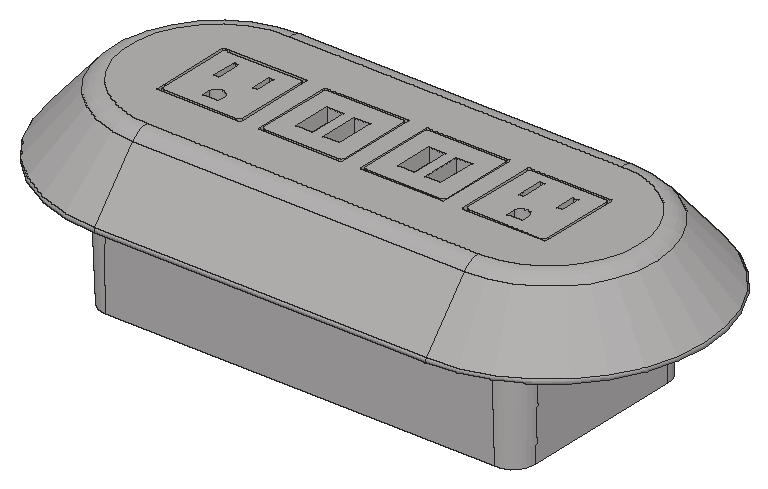
Revit family "Table-Teknion-Zones_ZNTCD-R2013", category Furniture, Revit 2013
Parameters (values of type "4 Modules Power Pill")
  Width = 8.53"
  Warranty = "http://www.teknion.com/ca/papers/legal-canada"
  URL = "www.teknion.com"
  Sustainability Data = "http://www.teknion.com/ca/tools/assets#&asset=444deb64-fe58-4b68-981e-f75e97781df7,b4ff2d81-9f2e-437d-9659-7cffb09c31cf"
  Series = "Zones"
  Product Page URL = "http://www.teknion.com/products/product-details?productLineId=b28c7a6e-8e7a-673b-a6c8-ff64004460c4"
  Product Line = "Zones"
  Product Documentation Link = "http://www.teknion.com/pricing/Zones/pdfs/ZNEP_ppg.pdf"
  Power Pill Finish [instance] = Seamless Paint - Teknion - 25 - Crisp Grey
  Part Number = "ZNEP"
  Outlet Offset [instance] = if(LA Modules, 1.076", 0")  # 1.076"
  Model = "See Item Code"
  Manufacturer Phone = "416-661-3370"
  Manufacturer Fax = "416.661.4586"
  Manufacturer Contact Information = "http://www.teknion.com/ca/contactus"
  Manufacturer Address = "1150 Flint Road, Toronto, ON. M3J 2J5. Canada"
  Manufacturer = "Teknion"  # constant formula
  LB Modules [instance] = not(LA Modules)  # no
  LA Modules [instance] = yes
  Item Code [instance] = if(LA Modules, "ZNEPLA120", "ZNEPLB120")  # "ZNEPLA120"
  Height = 2.302"
  Description = "Power Pill, Four Modules, 120in Length Of Cord"
  Depth = 4.13"
  Cap Height = 0.92703"
  Auxiliary Width = Width - Depth  # 4.4"
  Assembly Code = "E2020200"
Reference planes (in)
  plane 1 "Center F/B": y = 0
  plane 2: z = 0
  plane 3 "Center L/R": x = 0
  plane 4 "Left": x = -4.265
  plane 5 "Right": x = 4.265
  plane 6 "Back": y = 2.065
  plane 7 "Front": y = -2.065
  plane 8 "Top": z = 0.92703
  plane 9 "Bottom": z = -1.37497
  plane 10: x = -2.2
  plane 11: x = 2.2
  plane 12: y = 1.076
Forms (in)
  Sweep 1, solid, material "Seamless Paint - Teknion - 25 - Crisp Grey" <- "Power Pill Finish"
    path origin (0, 0, 0) x (1, 0, 0) y (0, 0, 1)
      loop
        line (0, 0.92703) -> (0, 0)
    profile origin (0, 0, 0.46351) x (0, -1, 0) y (1, 0, 0)
      loop
        arc (-1.18092, -2.2) -> (0, -3.38092) -> (1.18092, -2.2) r 1.18092
        line (1.18092, -2.2) -> (1.18092, 2.2)
        arc (1.18092, 2.2) -> (0, 3.38092) -> (-1.18092, 2.2) r 1.18092
        line (-1.18092, 2.2) -> (-1.18092, -2.2)
  Sweep 2, solid, material "Seamless Paint - Teknion - 25 - Crisp Grey" <- "Power Pill Finish"
    path origin (0, 0, 0) x (1, 0, 0) y (0, 1, 0)
      loop
        line (2.2, 1.18092) -> (-2.2, 1.18092)
        arc (-2.2, 1.18092) -> (-3.38092, 0) -> (-2.2, -1.18092) r 1.18092
        line (-2.2, -1.18092) -> (2.2, -1.18092)
        arc (2.2, -1.18092) -> (3.38092, 0) -> (2.2, 1.18092) r 1.18092
    profile origin (0, 1.18092, 0) x (0, -1, 0) y (0, 0, 1)
      loop
        arc (-0.86961, 0.06433) -> (-0.8751, 0.02261) -> (-0.83962, 0) r 0.03916
        line (-0.83962, 0) -> (0, 0) -> (0, 0.92703)
        arc (0, 0.92703) -> (-0.13207, 0.89775) -> (-0.23939, 0.8154) r 0.3125
        line (-0.23939, 0.8154) -> (-0.86961, 0.06433)
  Sweep 3, void
    path origin (0, 0, 0) x (1, 0, 0) y (0, 0, 1)
      loop
        line (0, 0.92703) -> (0, 0.73803)
    profile origin (0, 0, 0.83253) x (0, -1, 0) y (1, 0, 0)
      loop
        arc (-0.55849, -2.55849) -> (-0.55117, -2.57617) -> (-0.53349, -2.58349) r 0.025
        line (-0.53349, -2.58349) -> (0.53349, -2.58349)
        arc (0.53349, -2.58349) -> (0.55117, -2.57617) -> (0.55849, -2.55849) r 0.025
        line (0.55849, -2.55849) -> (0.55849, -1.49151)
        arc (0.55849, -1.49151) -> (0.55117, -1.47383) -> (0.53349, -1.46651) r 0.025
        line (0.53349, -1.46651) -> (-0.53349, -1.46651)
        arc (-0.53349, -1.46651) -> (-0.55117, -1.47383) -> (-0.55849, -1.49151) r 0.025
        line (-0.55849, -1.49151) -> (-0.55849, -2.55849)
      loop
        arc (-0.55849, -1.20849) -> (-0.55117, -1.22617) -> (-0.53349, -1.23349) r 0.025
        line (-0.53349, -1.23349) -> (0.53349, -1.23349)
        arc (0.53349, -1.23349) -> (0.55117, -1.22617) -> (0.55849, -1.20849) r 0.025
        line (0.55849, -1.20849) -> (0.55849, -0.14151)
        arc (0.55849, -0.14151) -> (0.55117, -0.12383) -> (0.53349, -0.11651) r 0.025
        line (0.53349, -0.11651) -> (-0.53349, -0.11651)
        arc (-0.53349, -0.11651) -> (-0.55117, -0.12383) -> (-0.55849, -0.14151) r 0.025
        line (-0.55849, -0.14151) -> (-0.55849, -1.20849)
      loop
        arc (-0.55849, 0.14151) -> (-0.55117, 0.12383) -> (-0.53349, 0.11651) r 0.025
        line (-0.53349, 0.11651) -> (0.53349, 0.11651)
        arc (0.53349, 0.11651) -> (0.55117, 0.12383) -> (0.55849, 0.14151) r 0.025
        line (0.55849, 0.14151) -> (0.55849, 1.20849)
        arc (0.55849, 1.20849) -> (0.55117, 1.22617) -> (0.53349, 1.23349) r 0.025
        line (0.53349, 1.23349) -> (-0.53349, 1.23349)
        arc (-0.53349, 1.23349) -> (-0.55117, 1.22617) -> (-0.55849, 1.20849) r 0.025
        line (-0.55849, 1.20849) -> (-0.55849, 0.14151)
      loop
        arc (-0.55849, 1.49151) -> (-0.55117, 1.47383) -> (-0.53349, 1.46651) r 0.025
        line (-0.53349, 1.46651) -> (0.53349, 1.46651)
        arc (0.53349, 1.46651) -> (0.55117, 1.47383) -> (0.55849, 1.49151) r 0.025
        line (0.55849, 1.49151) -> (0.55849, 2.55849)
        arc (0.55849, 2.55849) -> (0.55117, 2.57617) -> (0.53349, 2.58349) r 0.025
        line (0.53349, 2.58349) -> (-0.53349, 2.58349)
        arc (-0.53349, 2.58349) -> (-0.55117, 2.57617) -> (-0.55849, 2.55849) r 0.025
        line (-0.55849, 2.55849) -> (-0.55849, 1.49151)
  Blend 4, solid, material "Seamless Paint - Teknion - 25 - Crisp Grey" <- "Power Pill Finish"
    base sketch origin (0, 0, 0) x (1, 0, 0) y (0, 1, 0)
      loop
        arc (-2.57873, 1.39373) -> (-2.79086, 1.30586) -> (-2.87873, 1.09373) r 0.3
        line (-2.87873, 1.09373) -> (-2.87873, -1.09373)
        arc (-2.87873, -1.09373) -> (-2.79086, -1.30586) -> (-2.57873, -1.39373) r 0.3
        line (-2.57873, -1.39373) -> (2.57873, -1.39373)
        arc (2.57873, -1.39373) -> (2.79086, -1.30586) -> (2.87873, -1.09373) r 0.3
        line (2.87873, -1.09373) -> (2.87873, 1.09373)
        arc (2.87873, 1.09373) -> (2.79086, 1.30586) -> (2.57873, 1.39373) r 0.3
        line (2.57873, 1.39373) -> (-2.57873, 1.39373)
    top sketch origin (0, 0, 0) x (1, 0, 0) y (0, 1, 0)
      loop
        arc (2.94673, 1.09373) -> (2.83895, 1.35395) -> (2.57873, 1.46173) r 0.368
        line (2.57873, 1.46173) -> (-2.57873, 1.46173)
        arc (-2.57873, 1.46173) -> (-2.83895, 1.35395) -> (-2.94673, 1.09373) r 0.368
        line (-2.94673, 1.09373) -> (-2.94673, -1.09373)
        arc (-2.94673, -1.09373) -> (-2.83895, -1.35395) -> (-2.57873, -1.46173) r 0.368
        line (-2.57873, -1.46173) -> (2.57873, -1.46173)
        arc (2.57873, -1.46173) -> (2.83895, -1.35395) -> (2.94673, -1.09373) r 0.368
        line (2.94673, -1.09373) -> (2.94673, 1.09373)
    from -1.37497 to 0.61534
  Sweep 5, void
    path origin (0, 0, 0) x (0, 1, 0) y (0, 0, 1)
      loop
        line (0, -1.12497) -> (0, -1.37497)
    profile origin (0, 0, -1.24997) x (1, 0, 0) y (0, 1, 0)
      loop
        arc (-0.33, -0.17812) -> (0, -0.375) -> (0.33, -0.17812) r 0.375
        line (0.33, -0.17812) -> (0.33, 0.17812)
        arc (0.33, 0.17812) -> (0, 0.375) -> (-0.33, 0.17812) r 0.375
        line (-0.33, 0.17812) -> (-0.33, -0.17812)
  Sweep 6, solid, material "Seamless Paint - Teknion - 25 - Crisp Grey" <- "Power Pill Finish"
    path origin (0, 0, 0) x (1, 0, 0) y (0, 0, 1)
      loop
        line (0, 0.92703) -> (0, 0.73803)
    profile origin (0, 0, 0.83253) x (0, -1, 0) y (1, 0, 0)
      loop
        line (-0.525, -1.5398) -> (-0.525, -2.5102)
        arc (-0.525, -2.5102) -> (-0.51328, -2.53848) -> (-0.485, -2.5502) r 0.04
        line (-0.485, -2.5502) -> (0.485, -2.5502)
        arc (0.485, -2.5502) -> (0.51328, -2.53848) -> (0.525, -2.5102) r 0.04
        line (0.525, -2.5102) -> (0.525, -1.5398)
        arc (0.525, -1.5398) -> (0.51328, -1.51152) -> (0.485, -1.4998) r 0.04
        line (0.485, -1.4998) -> (-0.485, -1.4998)
        arc (-0.485, -1.4998) -> (-0.51328, -1.51152) -> (-0.525, -1.5398) r 0.04
      loop
        line (-0.525, -0.18153) -> (-0.525, -1.16846)
        arc (-0.525, -1.16846) -> (-0.51328, -1.19675) -> (-0.485, -1.20846) r 0.04
        line (-0.485, -1.20846) -> (0.485, -1.20846)
        arc (0.485, -1.20846) -> (0.51328, -1.19675) -> (0.525, -1.16846) r 0.04
        line (0.525, -1.16846) -> (0.525, -0.18153)
        arc (0.525, -0.18153) -> (0.51328, -0.15325) -> (0.485, -0.14153) r 0.04
        line (0.485, -0.14153) -> (-0.485, -0.14153)
        arc (-0.485, -0.14153) -> (-0.51328, -0.15325) -> (-0.525, -0.18153) r 0.04
      loop
        line (0.525, 0.18154) -> (0.525, 1.16847)
        arc (0.525, 1.16847) -> (0.51328, 1.19675) -> (0.485, 1.20847) r 0.04
        line (0.485, 1.20847) -> (-0.485, 1.20847)
        arc (-0.485, 1.20847) -> (-0.51328, 1.19675) -> (-0.525, 1.16847) r 0.04
        line (-0.525, 1.16847) -> (-0.525, 0.18154)
        arc (-0.525, 0.18154) -> (-0.51328, 0.15325) -> (-0.485, 0.14154) r 0.04
        line (-0.485, 0.14154) -> (0.485, 0.14154)
        arc (0.485, 0.14154) -> (0.51328, 0.15325) -> (0.525, 0.18154) r 0.04
      loop
        line (-0.525, 2.5102) -> (-0.525, 1.5398)
        arc (-0.525, 1.5398) -> (-0.51328, 1.51152) -> (-0.485, 1.4998) r 0.04
        line (-0.485, 1.4998) -> (0.485, 1.4998)
        arc (0.485, 1.4998) -> (0.51328, 1.51152) -> (0.525, 1.5398) r 0.04
        line (0.525, 1.5398) -> (0.525, 2.5102)
        arc (0.525, 2.5102) -> (0.51328, 2.53848) -> (0.485, 2.5502) r 0.04
        line (0.485, 2.5502) -> (-0.485, 2.5502)
        arc (-0.485, 2.5502) -> (-0.51328, 2.53848) -> (-0.525, 2.5102) r 0.04
  Sweep 7, void
    path origin (0, 0, 0) x (1, 0, 0) y (0, 0, 1)
      loop
        line (0, 0.92703) -> (0, 0)
    profile origin (0, 0, 0.46351) x (0, -1, 0) y (1, 0, 0)
      loop
        line (-1.47143, -0.95886) -> (-1.12261, -0.95886) -> (-1.12261, -0.88681) -> (-1.47143, -0.88681) -> (-1.47143, -0.95886)
      loop
        line (-1.43206, -0.40768) -> (-1.43206, -0.47972) -> (-1.16198, -0.47972) -> (-1.16198, -0.40768) -> (-1.43206, -0.40768)
      loop
        line (-0.72261, -0.78681) -> (-0.72261, -0.57972) -> (-0.82615, -0.57972)
        arc (-0.82615, -0.57972) -> (-0.92969, -0.68327) -> (-0.82615, -0.78681) r 0.10354
        line (-0.82615, -0.78681) -> (-0.72261, -0.78681)
      loop
        line (-1.47143, 0.39114) -> (-1.12261, 0.39114) -> (-1.12261, 0.46319) -> (-1.47143, 0.46319) -> (-1.47143, 0.39114)
      loop
        line (-1.43206, 0.94232) -> (-1.43206, 0.87028) -> (-1.16198, 0.87028) -> (-1.16198, 0.94232) -> (-1.43206, 0.94232)
      loop
        line (-0.72261, 0.56319) -> (-0.72261, 0.77028) -> (-0.82615, 0.77028)
        arc (-0.82615, 0.77028) -> (-0.92969, 0.66673) -> (-0.82615, 0.56319) r 0.10354
        line (-0.82615, 0.56319) -> (-0.72261, 0.56319)
      loop
        line (-0.81346, 1.95906) -> (-1.33117, 1.95906) -> (-1.33117, 1.73662) -> (-0.81346, 1.73662) -> (-0.81346, 1.95906)
      loop
        line (-1.33117, 2.31339) -> (-1.33117, 2.09095) -> (-0.81346, 2.09095) -> (-0.81346, 2.31339) -> (-1.33117, 2.31339)
      loop
        line (-0.39543, -2.22991) -> (-0.39543, -2.30196) -> (-0.04661, -2.30196) -> (-0.04661, -2.22991) -> (-0.39543, -2.22991)
      loop
        line (-0.35606, -1.82282) -> (-0.08598, -1.82282) -> (-0.08598, -1.75078) -> (-0.35606, -1.75078) -> (-0.35606, -1.82282)
      loop
        line (0.35339, -2.12991) -> (0.35339, -1.92282) -> (0.24985, -1.92282)
        arc (0.24985, -1.92282) -> (0.14631, -2.02637) -> (0.24985, -2.12991) r 0.10354
        line (0.24985, -2.12991) -> (0.35339, -2.12991)
      loop
        line (-0.25517, -0.74231) -> (-0.25517, -0.96475) -> (0.26254, -0.96475) -> (0.26254, -0.74231) -> (-0.25517, -0.74231)
      loop
        line (-0.25517, -0.38798) -> (-0.25517, -0.61042) -> (0.26254, -0.61042) -> (0.26254, -0.38798) -> (-0.25517, -0.38798)
      loop
        line (0.26254, 0.60769) -> (-0.25517, 0.60769) -> (-0.25517, 0.38525) -> (0.26254, 0.38525) -> (0.26254, 0.60769)
      loop
        line (0.26254, 0.73958) -> (0.26254, 0.96202) -> (-0.25517, 0.96202) -> (-0.25517, 0.73958) -> (0.26254, 0.73958)
      loop
        line (-0.39543, 1.81182) -> (-0.39543, 1.73978) -> (-0.04661, 1.73978) -> (-0.04661, 1.81182) -> (-0.39543, 1.81182)
      loop
        line (-0.35606, 2.29096) -> (-0.35606, 2.21891) -> (-0.08598, 2.21891) -> (-0.08598, 2.29096) -> (-0.35606, 2.29096)
      loop
        line (0.35339, 1.91182) -> (0.35339, 2.11891) -> (0.24985, 2.11891)
        arc (0.24985, 2.11891) -> (0.14631, 2.01537) -> (0.24985, 1.91182) r 0.10354
        line (0.24985, 1.91182) -> (0.35339, 1.91182)
Cuts and joins
  Sweep 3 cuts Sweep 1
  Sweep 3 cuts Sweep 2
  Sweep 5 cuts Blend 4
  joined: Sweep 1, Sweep 2, Blend 4
  Sweep 7 cuts Sweep 6
Lines and regions (in)
  Masking region 1
    outline origin (0, 0, 0.92703) x (-1, 0, 0) y (0, -1, 0)
      loop
        arc (2.2, -2.065) -> (4.265, 0) -> (2.2, 2.065) r 2.065
        line (2.2, 2.065) -> (-2.2, 2.065)
        arc (-2.2, 2.065) -> (-4.265, 0) -> (-2.2, -2.065) r 2.065
        line (-2.2, -2.065) -> (2.2, -2.065)
  symbolic lines
    curve 1: line (-1.49151, 0.55849, 0.92703) -> (-2.55849, 0.55849, 0.92703)
    curve 2: arc (-2.55849, 0.55849, 0.92703) -> (-2.57617, 0.55117, 0.92703) -> (-2.58349, 0.53349, 0.92703) r 0.025
    curve 3: line (-2.58349, 0.53349, 0.92703) -> (-2.58349, -0.53349, 0.92703)
    curve 4: arc (-2.58349, -0.53349, 0.92703) -> (-2.57617, -0.55117, 0.92703) -> (-2.55849, -0.55849, 0.92703) r 0.025
    curve 5: line (-2.55849, -0.55849, 0.92703) -> (-1.49151, -0.55849, 0.92703)
    curve 6: arc (-1.49151, -0.55849, 0.92703) -> (-1.47383, -0.55117, 0.92703) -> (-1.46651, -0.53349, 0.92703) r 0.025
    curve 7: line (-1.46651, -0.53349, 0.92703) -> (-1.46651, 0.53349, 0.92703)
    curve 8: arc (-1.46651, 0.53349, 0.92703) -> (-1.47383, 0.55117, 0.92703) -> (-1.49151, 0.55849, 0.92703) r 0.025
    curve 9: line (-0.14151, 0.55849, 0.92703) -> (-1.20849, 0.55849, 0.92703)
    curve 10: arc (-1.20849, 0.55849, 0.92703) -> (-1.22617, 0.55117, 0.92703) -> (-1.23349, 0.53349, 0.92703) r 0.025
    curve 11: line (-1.23349, 0.53349, 0.92703) -> (-1.23349, -0.53349, 0.92703)
    curve 12: arc (-1.23349, -0.53349, 0.92703) -> (-1.22617, -0.55117, 0.92703) -> (-1.20849, -0.55849, 0.92703) r 0.025
    curve 13: line (-1.20849, -0.55849, 0.92703) -> (-0.14151, -0.55849, 0.92703)
    curve 14: arc (-0.14151, -0.55849, 0.92703) -> (-0.12383, -0.55117, 0.92703) -> (-0.11651, -0.53349, 0.92703) r 0.025
    curve 15: line (-0.11651, -0.53349, 0.92703) -> (-0.11651, 0.53349, 0.92703)
    curve 16: arc (-0.11651, 0.53349, 0.92703) -> (-0.12383, 0.55117, 0.92703) -> (-0.14151, 0.55849, 0.92703) r 0.025
    curve 17: line (1.20849, 0.55849, 0.92703) -> (0.14151, 0.55849, 0.92703)
    curve 18: arc (0.14151, 0.55849, 0.92703) -> (0.12383, 0.55117, 0.92703) -> (0.11651, 0.53349, 0.92703) r 0.025
    curve 19: line (0.11651, 0.53349, 0.92703) -> (0.11651, -0.53349, 0.92703)
    curve 20: arc (0.11651, -0.53349, 0.92703) -> (0.12383, -0.55117, 0.92703) -> (0.14151, -0.55849, 0.92703) r 0.025
    curve 21: line (0.14151, -0.55849, 0.92703) -> (1.20849, -0.55849, 0.92703)
    curve 22: arc (1.20849, -0.55849, 0.92703) -> (1.22617, -0.55117, 0.92703) -> (1.23349, -0.53349, 0.92703) r 0.025
    curve 23: line (1.23349, -0.53349, 0.92703) -> (1.23349, 0.53349, 0.92703)
    curve 24: arc (1.23349, 0.53349, 0.92703) -> (1.22617, 0.55117, 0.92703) -> (1.20849, 0.55849, 0.92703) r 0.025
    curve 25: line (2.55849, 0.55849, 0.92703) -> (1.49151, 0.55849, 0.92703)
    curve 26: arc (1.49151, 0.55849, 0.92703) -> (1.47383, 0.55117, 0.92703) -> (1.46651, 0.53349, 0.92703) r 0.025
    curve 27: line (1.46651, 0.53349, 0.92703) -> (1.46651, -0.53349, 0.92703)
    curve 28: arc (1.46651, -0.53349, 0.92703) -> (1.47383, -0.55117, 0.92703) -> (1.49151, -0.55849, 0.92703) r 0.025
    curve 29: line (1.49151, -0.55849, 0.92703) -> (2.55849, -0.55849, 0.92703)
    curve 30: arc (2.55849, -0.55849, 0.92703) -> (2.57617, -0.55117, 0.92703) -> (2.58349, -0.53349, 0.92703) r 0.025
    curve 31: line (2.58349, -0.53349, 0.92703) -> (2.58349, 0.53349, 0.92703)
    curve 32: arc (2.58349, 0.53349, 0.92703) -> (2.57617, 0.55117, 0.92703) -> (2.55849, 0.55849, 0.92703) r 0.025
  symbolic lines, detail levels medium+fine
    curve 33: arc (-2.2, 1.181, 0.92703) -> (-3.381, 0, 0.92703) -> (-2.2, -1.181, 0.92703) r 1.181
    curve 34: line (-2.2, 1.181, 0.92703) -> (2.2, 1.181, 0.92703)
    curve 35: line (-2.2, -1.181, 0.92703) -> (2.2, -1.181, 0.92703)
    curve 36: arc (2.2, 1.181, 0.92703) -> (3.381, 0, 0.92703) -> (2.2, -1.181, 0.92703) r 1.181
  symbolic lines, detail levels fine
    curve 37: line (-2.22991, 0.39543, 0.92703) -> (-2.30196, 0.39543, 0.92703)
    curve 38: line (-2.30196, 0.39543, 0.92703) -> (-2.30196, 0.04661, 0.92703)
    curve 39: line (-2.22991, 0.04661, 0.92703) -> (-2.22991, 0.39543, 0.92703)
    curve 40: line (-2.30196, 0.04661, 0.92703) -> (-2.22991, 0.04661, 0.92703)
    curve 41: line (-2.12991, -0.35339, 0.92703) -> (-1.92282, -0.35339, 0.92703)
    curve 42: line (-2.12991, -0.24985, 0.92703) -> (-2.12991, -0.35339, 0.92703)
    curve 43: line (-1.92282, -0.35339, 0.92703) -> (-1.92282, -0.24985, 0.92703)
    curve 44: arc (-1.92282, -0.24985, 0.92703) -> (-2.02637, -0.14631, 0.92703) -> (-2.12991, -0.24985, 0.92703) r 0.10354
    curve 45: line (-1.82282, 0.08598, 0.92703) -> (-1.75078, 0.08598, 0.92703)
    curve 46: line (-1.82282, 0.35606, 0.92703) -> (-1.82282, 0.08598, 0.92703)
    curve 47: line (-1.75078, 0.35606, 0.92703) -> (-1.82282, 0.35606, 0.92703)
    curve 48: line (-1.75078, 0.08598, 0.92703) -> (-1.75078, 0.35606, 0.92703)
    curve 109: line (-1.5398, 0.525, 0.92703) -> (-2.5102, 0.525, 0.92703)
    curve 110: arc (-1.4998, 0.485, 0.92703) -> (-1.51152, 0.51328, 0.92703) -> (-1.5398, 0.525, 0.92703) r 0.04
    curve 111: line (-1.4998, -0.485, 0.92703) -> (-1.4998, 0.485, 0.92703)
    curve 112: arc (-1.5398, -0.525, 0.92703) -> (-1.51152, -0.51328, 0.92703) -> (-1.4998, -0.485, 0.92703) r 0.04
    curve 113: line (-2.5102, -0.525, 0.92703) -> (-1.5398, -0.525, 0.92703)
    curve 114: arc (-2.5502, -0.485, 0.92703) -> (-2.53848, -0.51328, 0.92703) -> (-2.5102, -0.525, 0.92703) r 0.04
    curve 115: line (-2.5502, 0.485, 0.92703) -> (-2.5502, -0.485, 0.92703)
    curve 116: arc (-2.5102, 0.525, 0.92703) -> (-2.53848, 0.51328, 0.92703) -> (-2.5502, 0.485, 0.92703) r 0.04
    curve 117: arc (-1.16846, 0.525, 0.92703) -> (-1.19675, 0.51328, 0.92703) -> (-1.20846, 0.485, 0.92703) r 0.04
    curve 118: line (-0.18153, 0.525, 0.92703) -> (-1.16846, 0.525, 0.92703)
    curve 119: line (-1.20846, 0.485, 0.92703) -> (-1.20846, -0.485, 0.92703)
    curve 120: arc (-0.14153, 0.485, 0.92703) -> (-0.15325, 0.51328, 0.92703) -> (-0.18153, 0.525, 0.92703) r 0.04
    curve 121: arc (-1.20846, -0.485, 0.92703) -> (-1.19675, -0.51328, 0.92703) -> (-1.16846, -0.525, 0.92703) r 0.04
    curve 122: line (-1.16846, -0.525, 0.92703) -> (-0.18153, -0.525, 0.92703)
    curve 123: arc (-0.18153, -0.525, 0.92703) -> (-0.15325, -0.51328, 0.92703) -> (-0.14153, -0.485, 0.92703) r 0.04
    curve 124: line (-0.14153, -0.485, 0.92703) -> (-0.14153, 0.485, 0.92703)
    curve 125: arc (0.18154, 0.525, 0.92703) -> (0.15325, 0.51328, 0.92703) -> (0.14154, 0.485, 0.92703) r 0.04
    curve 126: line (1.16847, 0.525, 0.92703) -> (0.18154, 0.525, 0.92703)
    curve 127: arc (1.20847, 0.485, 0.92703) -> (1.19675, 0.51328, 0.92703) -> (1.16847, 0.525, 0.92703) r 0.04
    curve 128: line (1.20847, -0.485, 0.92703) -> (1.20847, 0.485, 0.92703)
    curve 129: arc (1.16847, -0.525, 0.92703) -> (1.19675, -0.51328, 0.92703) -> (1.20847, -0.485, 0.92703) r 0.04
    curve 130: line (0.18154, -0.525, 0.92703) -> (1.16847, -0.525, 0.92703)
    curve 131: arc (0.14154, -0.485, 0.92703) -> (0.15325, -0.51328, 0.92703) -> (0.18154, -0.525, 0.92703) r 0.04
    curve 132: line (0.14154, 0.485, 0.92703) -> (0.14154, -0.485, 0.92703)
    curve 133: arc (1.5398, 0.525, 0.92703) -> (1.51152, 0.51328, 0.92703) -> (1.4998, 0.485, 0.92703) r 0.04
    curve 134: line (2.5102, 0.525, 0.92703) -> (1.5398, 0.525, 0.92703)
    curve 135: arc (2.5502, 0.485, 0.92703) -> (2.53848, 0.51328, 0.92703) -> (2.5102, 0.525, 0.92703) r 0.04
    curve 136: line (2.5502, -0.485, 0.92703) -> (2.5502, 0.485, 0.92703)
    curve 137: arc (2.5102, -0.525, 0.92703) -> (2.53848, -0.51328, 0.92703) -> (2.5502, -0.485, 0.92703) r 0.04
    curve 138: line (1.5398, -0.525, 0.92703) -> (2.5102, -0.525, 0.92703)
    curve 139: arc (1.4998, -0.485, 0.92703) -> (1.51152, -0.51328, 0.92703) -> (1.5398, -0.525, 0.92703) r 0.04
    curve 140: line (1.4998, 0.485, 0.92703) -> (1.4998, -0.485, 0.92703)
  symbolic lines, visible <- "LA Modules", detail levels fine
    curve 49: line (-0.96475, -0.26254, 0.92703) -> (-0.74231, -0.26254, 0.92703)
    curve 50: line (-0.96475, 0.25517, 0.92703) -> (-0.96475, -0.26254, 0.92703)
    curve 51: line (-0.74231, 0.25517, 0.92703) -> (-0.96475, 0.25517, 0.92703)
    curve 52: line (-0.74231, -0.26254, 0.92703) -> (-0.74231, 0.25517, 0.92703)
    curve 53: line (-0.61042, 0.25517, 0.92703) -> (-0.61042, -0.26254, 0.92703)
    curve 54: line (-0.38798, 0.25517, 0.92703) -> (-0.61042, 0.25517, 0.92703)
    curve 55: line (-0.38798, -0.26254, 0.92703) -> (-0.38798, 0.25517, 0.92703)
    curve 56: line (-0.61042, -0.26254, 0.92703) -> (-0.38798, -0.26254, 0.92703)
    curve 57: line (0.38525, -0.26254, 0.92703) -> (0.60769, -0.26254, 0.92703)
    curve 58: line (0.38525, 0.25517, 0.92703) -> (0.38525, -0.26254, 0.92703)
    curve 59: line (0.60769, -0.26254, 0.92703) -> (0.60769, 0.25517, 0.92703)
    curve 60: line (0.60769, 0.25517, 0.92703) -> (0.38525, 0.25517, 0.92703)
    curve 61: line (0.73958, 0.25517, 0.92703) -> (0.73958, -0.26254, 0.92703)
    curve 62: line (0.73958, -0.26254, 0.92703) -> (0.96202, -0.26254, 0.92703)
    curve 63: line (0.96202, -0.26254, 0.92703) -> (0.96202, 0.25517, 0.92703)
    curve 64: line (0.96202, 0.25517, 0.92703) -> (0.73958, 0.25517, 0.92703)
    curve 65: line (1.91182, -0.35339, 0.92703) -> (2.11891, -0.35339, 0.92703)
    curve 66: arc (2.11891, -0.24985, 0.92703) -> (2.01537, -0.14631, 0.92703) -> (1.91182, -0.24985, 0.92703) r 0.10354
    curve 67: line (2.11891, -0.35339, 0.92703) -> (2.11891, -0.24985, 0.92703)
    curve 68: line (1.91182, -0.24985, 0.92703) -> (1.91182, -0.35339, 0.92703)
    curve 69: line (1.73978, 0.04661, 0.92703) -> (1.81182, 0.04661, 0.92703)
    curve 70: line (1.81182, 0.04661, 0.92703) -> (1.81182, 0.39543, 0.92703)
    curve 71: line (1.73978, 0.39543, 0.92703) -> (1.73978, 0.04661, 0.92703)
    curve 72: line (1.81182, 0.39543, 0.92703) -> (1.73978, 0.39543, 0.92703)
    curve 73: line (2.21891, 0.08598, 0.92703) -> (2.29096, 0.08598, 0.92703)
    curve 74: line (2.29096, 0.08598, 0.92703) -> (2.29096, 0.35606, 0.92703)
    curve 75: line (2.29096, 0.35606, 0.92703) -> (2.21891, 0.35606, 0.92703)
    curve 76: line (2.21891, 0.35606, 0.92703) -> (2.21891, 0.08598, 0.92703)
  symbolic lines, visible <- "LB Modules", detail levels fine
    curve 77: line (-0.95886, 0.04661, 0.92703) -> (-0.88681, 0.04661, 0.92703)
    curve 78: line (-0.95886, 0.39543, 0.92703) -> (-0.95886, 0.04661, 0.92703)
    curve 79: line (-0.88681, 0.39543, 0.92703) -> (-0.95886, 0.39543, 0.92703)
    curve 80: line (-0.88681, 0.04661, 0.92703) -> (-0.88681, 0.39543, 0.92703)
    curve 81: line (-0.47972, 0.35606, 0.92703) -> (-0.47972, 0.08598, 0.92703)
    curve 82: line (-0.40768, 0.35606, 0.92703) -> (-0.47972, 0.35606, 0.92703)
    curve 83: line (-0.40768, 0.08598, 0.92703) -> (-0.40768, 0.35606, 0.92703)
    curve 84: line (-0.47972, 0.08598, 0.92703) -> (-0.40768, 0.08598, 0.92703)
    curve 85: arc (-0.57972, -0.24985, 0.92703) -> (-0.68327, -0.14631, 0.92703) -> (-0.78681, -0.24985, 0.92703) r 0.10354
    curve 86: line (-0.78681, -0.24985, 0.92703) -> (-0.78681, -0.35339, 0.92703)
    curve 87: line (-0.78681, -0.35339, 0.92703) -> (-0.57972, -0.35339, 0.92703)
    curve 88: line (-0.57972, -0.35339, 0.92703) -> (-0.57972, -0.24985, 0.92703)
    curve 89: line (0.39114, 0.04661, 0.92703) -> (0.46319, 0.04661, 0.92703)
    curve 90: line (0.39114, 0.39543, 0.92703) -> (0.39114, 0.04661, 0.92703)
    curve 91: line (0.46319, 0.39543, 0.92703) -> (0.39114, 0.39543, 0.92703)
    curve 92: line (0.46319, 0.04661, 0.92703) -> (0.46319, 0.39543, 0.92703)
    curve 93: arc (0.77028, -0.24985, 0.92703) -> (0.66673, -0.14631, 0.92703) -> (0.56319, -0.24985, 0.92703) r 0.10354
    curve 94: line (0.56319, -0.24985, 0.92703) -> (0.56319, -0.35339, 0.92703)
    curve 95: line (0.56319, -0.35339, 0.92703) -> (0.77028, -0.35339, 0.92703)
    curve 96: line (0.77028, -0.35339, 0.92703) -> (0.77028, -0.24985, 0.92703)
    curve 97: line (0.87028, 0.08598, 0.92703) -> (0.94232, 0.08598, 0.92703)
    curve 98: line (0.94232, 0.08598, 0.92703) -> (0.94232, 0.35606, 0.92703)
    curve 99: line (0.87028, 0.35606, 0.92703) -> (0.87028, 0.08598, 0.92703)
    curve 100: line (0.94232, 0.35606, 0.92703) -> (0.87028, 0.35606, 0.92703)
    curve 101: line (1.73662, -0.26254, 0.92703) -> (1.95906, -0.26254, 0.92703)
    curve 102: line (1.95906, -0.26254, 0.92703) -> (1.95906, 0.25517, 0.92703)
    curve 103: line (1.95906, 0.25517, 0.92703) -> (1.73662, 0.25517, 0.92703)
    curve 104: line (1.73662, 0.25517, 0.92703) -> (1.73662, -0.26254, 0.92703)
    curve 105: line (2.09095, 0.25517, 0.92703) -> (2.09095, -0.26254, 0.92703)
    curve 106: line (2.31339, 0.25517, 0.92703) -> (2.09095, 0.25517, 0.92703)
    curve 107: line (2.31339, -0.26254, 0.92703) -> (2.31339, 0.25517, 0.92703)
    curve 108: line (2.09095, -0.26254, 0.92703) -> (2.31339, -0.26254, 0.92703)
Dimensions and locks (in)
  "Cap Height": plane 8 "Top" to plane 2
  equal spacing: plane 4 "Left", plane 3 "Center L/R", plane 5 "Right"
  "Width": plane 4 "Left" to plane 5 "Right"
  equal spacing: plane 6 "Back", plane 1 "Center F/B", plane 7 "Front"
  "Depth": plane 6 "Back" to plane 7 "Front"
  equal spacing: plane 10, plane 3 "Center L/R", plane 11
  "Auxiliary Width": plane 10 to plane 11
  equal spacing: Sweep 1 sketch curve, plane 1 "Center F/B", Sweep 1 sketch curve
  locked: Sweep 1 sketch curve to Sweep 1 sketch curve at 2.36185
  locked: Sweep 2 sketch curve to plane 1 "Center F/B" at 1.18092  (x2)
  locked: Sweep 2 sketch curve to plane 2 at 0.03916
  locked: plane 8 "Top" to Sweep 2 sketch curve at 0.3125
  locked: plane 8 "Top" to Sweep 3 sketch curve at 0.189
  equal spacing: Sweep 3 sketch curve, plane 1 "Center F/B", Sweep 3 sketch curve
  locked: Sweep 3 sketch curve to Sweep 3 sketch curve at 1.11698
  Sweep 3 sketch curve to Sweep 3 sketch curve to Sweep 3 sketch curve to Sweep 3 sketch curve to plane 3 "Center L/R" to Sweep 3 sketch curve to Sweep 3 sketch curve to Sweep 3 sketch curve to Sweep 3 sketch curve = 1.11698" locked, 0.23302" locked, 1.11698" locked, 0.11651" locked, 0.11651" locked, 1.11698" locked, 0.23302" locked, 1.11698" locked
  Blend 4 sketch curve to plane 3 "Center L/R" to Blend 4 sketch curve = 2.57873" locked, 2.57873" locked  (x4)
  Blend 4 sketch curve to plane 1 "Center F/B" to Blend 4 sketch curve = 1 3/32" locked, 1 3/32" locked  (x4)
  Blend 4 sketch curve to plane 1 "Center F/B" to Blend 4 sketch curve = 1.39373" locked, 1.39373" locked
  equal spacing: Blend 4 sketch curve, plane 3 "Center L/R", Blend 4 sketch curve
  Blend 4 sketch curve to plane 1 "Center F/B" to Blend 4 sketch curve = 1.46173" locked, 1.46173" locked
  Blend 4 sketch curve to plane 3 "Center L/R" to Blend 4 sketch curve = 2.94673" locked, 2.94673" locked
  locked: plane 8 "Top" to Blend 4 at 0.31169
  locked: plane 9 "Bottom" to Sweep 5 sketch curve at 0.25
  Sweep 5 sketch curve to plane 3 "Center L/R" to Sweep 5 sketch curve = 0.33" locked, 0.33" locked
  Sweep 5 sketch curve to plane 1 "Center F/B" to Sweep 5 sketch curve = 0.17812" locked, 0.17812" locked  (x2)
  "Height": plane 8 "Top" to plane 9 "Bottom"
  curve 35 to plane 1 "Center F/B" to curve 34 = 1.181" locked, 1.181" locked
  curve 41 to curve 49 to curve 44 to plane 1 "Center F/B" to curve 40 to curve 45 to curve 51 to curve 47 to curve 37 = 0.09085" locked, 0.0127" locked, 0.24985" locked, 0.04661" locked, 0.03937" locked, 0.16919" locked, 0.10088" locked, 0.03937" locked
  curve 38 to curve 39 to curve 42 to curve 44 to curve 43 to curve 46 to curve 48 to curve 50 to curve 78 to curve 80 to curve 86 to curve 52 to curve 85 to curve 53 to curve 88 to curve 81 to curve 83 to curve 55 to plane 3 "Center L/R" to curve 58 to curve 90 to curve 92 to curve 94 to curve 59 to curve 93 to curve 61 to curve 96 to curve 99 to curve 98 to curve 63 to curve 104 to curve 71 to curve 70 to curve 68 to curve 102 to curve 105 to curve 67 to curve 76 to curve 74 to curve 107 = 0.07205" locked, 0.1" locked, 0.10354" locked, 0.10354" locked, 0.1" locked, 0.07205" locked, 0.78603" locked, 0.00589" locked, 0.07205" locked, 0.1" locked, 0.0445" locked, 0.05904" locked, 0.07285" locked, 0.0307" locked, 0.1" locked, 0.07205" locked, 0.0197" locked, 0.38798" locked, 0.38525" locked, 0.00589" locked, 0.07205" locked, 0.1" locked, 0.0445" locked, 0.05904" locked, 0.07285" locked, 0.0307" locked, 0.1" locked, 0.07205" locked, 0.0197" locked, 0.7746" locked, 0.00316" locked, 0.07205" locked, 0.1" locked, 0.04723" locked, 0.13189" locked, 0.02796" locked, 0.1" locked, 0.07205" locked, 0.02243" locked
  locked: plane 8 "Top" to Sweep 6 sketch curve at 0.189
  Sweep 6 sketch curve to plane 1 "Center F/B" to Sweep 6 sketch curve = 0.525" locked, 0.525" locked
  Sweep 6 sketch curve to Sweep 6 sketch curve to Sweep 6 sketch curve to Sweep 6 sketch curve to plane 3 "Center L/R" to Sweep 6 sketch curve to Sweep 6 sketch curve to Sweep 6 sketch curve to Sweep 6 sketch curve = 1.05039" locked, 0.29134" locked, 1.06693" locked, 0.14153" locked, 0.14154" locked, 1.06693" locked, 0.29134" locked, 1.05039" locked
  "Outlet Offset": plane 1 "Center F/B" to plane 12
  Sweep 7 sketch curve to Sweep 7 sketch curve to Sweep 7 sketch curve to Sweep 7 sketch curve to Sweep 7 sketch curve to Sweep 7 sketch curve to Sweep 7 sketch curve to Sweep 7 sketch curve to Sweep 7 sketch curve to Sweep 7 sketch curve to Sweep 7 sketch curve to Sweep 7 sketch curve to Sweep 7 sketch curve to Sweep 7 sketch curve to plane 3 "Center L/R" to Sweep 7 sketch curve to Sweep 7 sketch curve to Sweep 7 sketch curve to Sweep 7 sketch curve to Sweep 7 sketch curve to Sweep 7 sketch curve to Sweep 7 sketch curve to Sweep 7 sketch curve to Sweep 7 sketch curve to Sweep 7 sketch curve to Sweep 7 sketch curve = 0.07205" locked, 0.1" locked, 0.10354" locked, 0.10354" locked, 0.1" locked, 0.07205" locked, 0.79192" locked, 0.07205" locked, 0.1" locked, 0.10354" locked, 0.10354" locked, 0.1" locked, 0.07205" locked, 0.40768" locked, 0.39114" locked, 0.07205" locked, 0.1" locked, 0.10354" locked, 0.10354" locked, 0.1" locked, 0.07205" locked, 0.79429" locked, 0.22244" locked, 0.13189" locked, 0.22244" locked
  Sweep 7 sketch curve to Sweep 7 sketch curve to Sweep 7 sketch curve to Sweep 7 sketch curve to Sweep 7 sketch curve to plane 12 to Sweep 7 sketch curve to Sweep 7 sketch curve to Sweep 7 sketch curve to Sweep 7 sketch curve = 0.03937" locked, 0.10088" locked, 0.16919" locked, 0.03937" locked, 0.04661" locked, 0.24985" locked, 0" locked, 0.0127" locked, 0.09085" locked
  Sweep 7 sketch curve to Sweep 7 sketch curve to plane 1 "Center F/B" to Sweep 7 sketch curve to Sweep 7 sketch curve to Sweep 7 sketch curve to Sweep 7 sketch curve = 0.10354" locked, 0.24985" locked, 0.04661" locked, 0.03937" locked, 0.27008" locked, 0.03937" locked
  Sweep 7 sketch curve to Sweep 7 sketch curve to Sweep 7 sketch curve to Sweep 7 sketch curve to Sweep 7 sketch curve to Sweep 7 sketch curve to Sweep 7 sketch curve to Sweep 7 sketch curve to Sweep 7 sketch curve to Sweep 7 sketch curve to Sweep 7 sketch curve to curve 66 to Sweep 7 sketch curve to Sweep 7 sketch curve to Sweep 7 sketch curve = 0.22244" locked, 0.13189" locked, 0.22244" locked, 0.77323" locked, 0.22244" locked, 0.13189" locked, 0.22244" locked, 0.77776" locked, 0.07205" locked, 0.1" locked, 0.10354" locked, 0.10354" locked, 0.1" locked, 0.07205" locked
  plane 12 to Sweep 7 sketch curve to Sweep 7 sketch curve to Sweep 7 sketch curve to Sweep 7 sketch curve to Sweep 7 sketch curve to Sweep 7 sketch curve to Sweep 7 sketch curve to Sweep 7 sketch curve = 0.68057" locked, 0.03937" locked, 0.10088" locked, 0.16919" locked, 0.03937" locked, 0.29646" locked, 0.0127" locked, 0.09085" locked
  aligned and locked: level to plane 2
  aligned and locked: Sweep 1 sketch curve to plane 3 "Center L/R"
  aligned and locked: plane 8 "Top" to Sweep 1 sketch curve
  aligned and locked: plane 2 to Sweep 1 sketch curve
  aligned and locked: plane 10 to Sweep 1 sketch curve
  aligned and locked: plane 1 "Center F/B" to Sweep 1 sketch curve  (x2)
  aligned and locked: plane 11 to Sweep 1 sketch curve
  aligned and locked: Sweep 2 sketch curve to Sweep 1  (x2)
  aligned and locked: Sweep 2 sketch curve to plane 2
  aligned and locked: Sweep 3 sketch curve to plane 3 "Center L/R"
  aligned and locked: plane 8 "Top" to Sweep 3 sketch curve
  aligned and locked: Sweep 3 sketch curve to Sweep 3 sketch curve  (x6)
  aligned and locked: plane 9 "Bottom" to Blend 4
  aligned and locked: plane 9 "Bottom" to Sweep 5 sketch curve
  aligned and locked: Sweep 5 sketch curve to plane 1 "Center F/B"
  aligned and locked: plane 1 "Center F/B" to Sweep 5 sketch curve
  aligned and locked: Sweep 5 sketch curve to Sweep 5 sketch curve
  aligned and locked: Masking region 1 sketch curve to plane 6 "Back"
  aligned and locked: Masking region 1 sketch curve to plane 7 "Front"
  aligned and locked: plane 10 to Masking region 1 sketch curve
  aligned and locked: plane 1 "Center F/B" to Masking region 1 sketch curve  (x2)
  aligned and locked: plane 11 to Masking region 1 sketch curve
  aligned and locked: curve 2 to cut or joined group of Sweep 1, Sweep 2, Sweep 3, Blend 4, Sweep 5
  aligned and locked: curve 4 to cut or joined group of Sweep 1, Sweep 2, Sweep 3, Blend 4, Sweep 5
  aligned and locked: curve 6 to cut or joined group of Sweep 1, Sweep 2, Sweep 3, Blend 4, Sweep 5
  aligned and locked: curve 8 to cut or joined group of Sweep 1, Sweep 2, Sweep 3, Blend 4, Sweep 5
  aligned and locked: curve 10 to cut or joined group of Sweep 1, Sweep 2, Sweep 3, Blend 4, Sweep 5
  aligned and locked: curve 12 to cut or joined group of Sweep 1, Sweep 2, Sweep 3, Blend 4, Sweep 5
  aligned and locked: curve 14 to cut or joined group of Sweep 1, Sweep 2, Sweep 3, Blend 4, Sweep 5
  aligned and locked: curve 16 to cut or joined group of Sweep 1, Sweep 2, Sweep 3, Blend 4, Sweep 5
  aligned and locked: curve 18 to cut or joined group of Sweep 1, Sweep 2, Sweep 3, Blend 4, Sweep 5
  aligned and locked: curve 20 to cut or joined group of Sweep 1, Sweep 2, Sweep 3, Blend 4, Sweep 5
  aligned and locked: curve 22 to cut or joined group of Sweep 1, Sweep 2, Sweep 3, Blend 4, Sweep 5
  aligned and locked: curve 24 to cut or joined group of Sweep 1, Sweep 2, Sweep 3, Blend 4, Sweep 5
  aligned and locked: curve 26 to cut or joined group of Sweep 1, Sweep 2, Sweep 3, Blend 4, Sweep 5
  aligned and locked: curve 28 to cut or joined group of Sweep 1, Sweep 2, Sweep 3, Blend 4, Sweep 5
  aligned and locked: curve 30 to cut or joined group of Sweep 1, Sweep 2, Sweep 3, Blend 4, Sweep 5
  aligned and locked: curve 32 to cut or joined group of Sweep 1, Sweep 2, Sweep 3, Blend 4, Sweep 5
  aligned and locked: plane 10 to curve 33
  aligned and locked: plane 11 to curve 36
  aligned and locked: plane 1 "Center F/B" to curve 36
  aligned and locked: curve 79 to curve 37
  aligned and locked: curve 91 to curve 37
  aligned and locked: curve 72 to curve 37
  aligned and locked: curve 40 to curve 77
  aligned and locked: curve 40 to curve 89
  aligned and locked: curve 40 to curve 69
  aligned and locked: curve 82 to curve 47
  aligned and locked: curve 100 to curve 47
  aligned and locked: curve 75 to curve 47
  aligned and locked: curve 45 to curve 84
  aligned and locked: curve 45 to curve 97
  aligned and locked: curve 45 to curve 73
  aligned and locked: curve 41 to curve 87
  aligned and locked: curve 41 to curve 95
  aligned and locked: curve 41 to curve 65
  aligned and locked: curve 54 to curve 51
  aligned and locked: curve 60 to curve 51
  aligned and locked: curve 64 to curve 51
  aligned and locked: curve 103 to curve 51
  aligned and locked: curve 106 to curve 51
  aligned and locked: curve 49 to curve 56
  aligned and locked: curve 49 to curve 57
  aligned and locked: curve 49 to curve 62
  aligned and locked: curve 49 to curve 101
  aligned and locked: curve 49 to curve 108
  aligned and locked: Sweep 6 sketch curve to plane 3 "Center L/R"
  aligned and locked: plane 8 "Top" to Sweep 6 sketch curve
  aligned and locked: Sweep 6 sketch curve to Sweep 6 sketch curve  (x6)
  aligned and locked: plane 8 "Top" to Sweep 7 sketch curve
  aligned and locked: plane 2 to Sweep 7 sketch curve
  aligned and locked: Sweep 7 sketch curve to plane 3 "Center L/R"
  aligned and locked: Sweep 7 sketch curve to Sweep 7 sketch curve  (x13)
  aligned and locked: curve 109 to cut or joined group of Sweep 6, Sweep 7
  aligned and locked: curve 110 to cut or joined group of Sweep 6, Sweep 7
  aligned and locked: curve 111 to cut or joined group of Sweep 6, Sweep 7
  aligned and locked: curve 112 to cut or joined group of Sweep 6, Sweep 7
  aligned and locked: curve 113 to cut or joined group of Sweep 6, Sweep 7
  aligned and locked: curve 114 to cut or joined group of Sweep 6, Sweep 7
  aligned and locked: curve 115 to cut or joined group of Sweep 6, Sweep 7
  aligned and locked: curve 116 to cut or joined group of Sweep 6, Sweep 7
  aligned and locked: curve 117 to cut or joined group of Sweep 6, Sweep 7
  aligned and locked: curve 118 to cut or joined group of Sweep 6, Sweep 7
  aligned and locked: curve 119 to cut or joined group of Sweep 6, Sweep 7
  aligned and locked: curve 120 to cut or joined group of Sweep 6, Sweep 7
  aligned and locked: curve 121 to cut or joined group of Sweep 6, Sweep 7
  aligned and locked: curve 122 to cut or joined group of Sweep 6, Sweep 7
  aligned and locked: curve 123 to cut or joined group of Sweep 6, Sweep 7
  aligned and locked: curve 124 to cut or joined group of Sweep 6, Sweep 7
  aligned and locked: curve 125 to cut or joined group of Sweep 6, Sweep 7
  aligned and locked: curve 126 to cut or joined group of Sweep 6, Sweep 7
  aligned and locked: curve 127 to cut or joined group of Sweep 6, Sweep 7
  aligned and locked: curve 128 to cut or joined group of Sweep 6, Sweep 7
  aligned and locked: curve 129 to cut or joined group of Sweep 6, Sweep 7
  aligned and locked: curve 130 to cut or joined group of Sweep 6, Sweep 7
  aligned and locked: curve 131 to cut or joined group of Sweep 6, Sweep 7
  aligned and locked: curve 132 to cut or joined group of Sweep 6, Sweep 7
  aligned and locked: curve 133 to cut or joined group of Sweep 6, Sweep 7
  aligned and locked: curve 134 to cut or joined group of Sweep 6, Sweep 7
  aligned and locked: curve 135 to cut or joined group of Sweep 6, Sweep 7
  aligned and locked: curve 136 to cut or joined group of Sweep 6, Sweep 7
  aligned and locked: curve 137 to cut or joined group of Sweep 6, Sweep 7
  aligned and locked: curve 138 to cut or joined group of Sweep 6, Sweep 7
  aligned and locked: curve 139 to cut or joined group of Sweep 6, Sweep 7
  aligned and locked: curve 140 to cut or joined group of Sweep 6, Sweep 7
Automatic sketch dimensions
  profile plane to Sweep 2 sketch curve = 0.86961"
  profile plane to Sweep 2 sketch curve = 0.23939"
  Sweep 2 sketch curve to Sweep 2 sketch curve = 0.03"
  Sweep 2 sketch curve to Sweep 2 sketch curve = 0.20087"
  Sweep 3 sketch curve to plane 1 "Center F/B" = 0.53349"
  Sweep 3 sketch curve to Sweep 3 sketch curve = 0.025"  (x11)
  plane 1 "Center F/B" to Sweep 3 sketch curve = 0.53349"
  Sweep 3 sketch curve to Sweep 3 sketch curve = 0"  (x3)
  curve 93 to curve 61 = 0.0127"
  curve 85 to curve 49 = 0.0127"
  curve 68 to curve 101 = 0.0127"
  Sweep 6 sketch curve to Sweep 6 sketch curve = 0.04"  (x11)
  plane 1 "Center F/B" to Sweep 6 sketch curve = 0.485"  (x2)
  Sweep 6 sketch curve to Sweep 6 sketch curve = 0"  (x3)
  curve 109 to plane 1 "Center F/B" = 0.525"
  curve 110 to curve 110 = 0.04"
  curve 37 to curve 109 = 0.20824"
  curve 41 to curve 111 = 0.13161"
  curve 111 to curve 112 = 0.04"
  curve 114 to curve 114 = 0.04"
  curve 109 to curve 115 = 0.04"
  plane 10 to curve 118 = 1.03154"
  curve 117 to curve 117 = 0.04"
  curve 111 to curve 119 = 0"
  curve 120 to curve 120 = 0.04"
  curve 121 to curve 119 = 0.04"
  curve 123 to curve 123 = 0.04"
  plane 3 "Center L/R" to curve 126 = 0.18154"
  curve 125 to curve 125 = 0.04"
  curve 127 to curve 127 = 0.04"
  curve 62 to curve 128 = 0.22246"
  curve 128 to curve 129 = 0.04"
  curve 131 to curve 131 = 0.04"
  curve 134 to plane 1 "Center F/B" = 0.525"
  curve 133 to curve 133 = 0.04"
  curve 135 to curve 135 = 0.04"
  curve 107 to curve 136 = 0.22246"
  curve 136 to curve 137 = 0.04"
  curve 101 to curve 138 = 0.19681"
  curve 139 to curve 139 = 0.04"
  curve 1 to curve 109 = 0.04829"
  curve 9 to curve 118 = 0.04003"
  curve 9 to curve 118 = 0.03349"
  curve 17 to curve 126 = 0.04003"
  curve 17 to curve 126 = 0.03349"
  curve 25 to curve 134 = 0.0483"
Types in the file's own list only (4): name | Width | Voltage | Unit Weight URL | Product Documentation Link | Power Trim Offset | Power Pill Cutout | Part Number | Model | Height | Description | Depth | Connector Description | Apparent Load
  30" x 72" Without Power Pill | 72" | 0 V | "http://www.teknion.com/ca/tools/assets#&asset=bee6a381-b954-425e-8283-5a2de3a804f2,f828d448-4b62-4231-9e5f-9a8991c0ed77" | "http://www.teknion.com/pricing/Zones/pdfs/ZNTCD_ppg.pdf" | 80" | No | "ZNTCD" | "ZNTCD3072N" | 43 1/2" | "Dynamic Cubby Table, 30\"d x 72\"w, No Cut-Out" | 30" | "Without Power Connector" | 0 VA
  36" x 72" Without Power Pill | 72" | 0 V | "http://www.teknion.com/ca/tools/assets#&asset=bee6a381-b954-425e-8283-5a2de3a804f2,f828d448-4b62-4231-9e5f-9a8991c0ed77" | "http://www.teknion.com/pricing/Zones/pdfs/ZNTCD_ppg.pdf" | 80" | No | "ZNTCD" | "ZNTCD3672N" | 43 1/2" | "Dynamic Cubby Table, 36\"d x 72\"w, No Cut-Out" | 36" | "Without Power Connector" | 0 VA
  36" x 72"  With Power Pill | 72" | 120 V | "http://www.teknion.com/ca/tools/assets#&asset=bee6a381-b954-425e-8283-5a2de3a804f2,f828d448-4b62-4231-9e5f-9a8991c0ed77" | "http://www.teknion.com/pricing/Zones/pdfs/ZNTCD_ppg.pdf" | 36" | Yes | "ZNTCD" | "ZNTCD3672Y" | 43 1/2" | "Dynamic Cubby Table, 36\"d x 72\"w, One Center Cut-Out" | 36" | "Power Connector" | 0 VA
  30" x 72" With Power Pill | 72" | 120 V | "http://www.teknion.com/ca/tools/assets#&asset=bee6a381-b954-425e-8283-5a2de3a804f2,f828d448-4b62-4231-9e5f-9a8991c0ed77" | "http://www.teknion.com/pricing/Zones/pdfs/ZNTCD_ppg.pdf" | 36" | Yes | "ZNTCD" | "ZNTCD3072Y" | 43 1/2" | "Dynamic Cubby Table, 30\"d x 72\"w, One Center Cut-Out" | 30" | "Power Connector" | 0 VA
